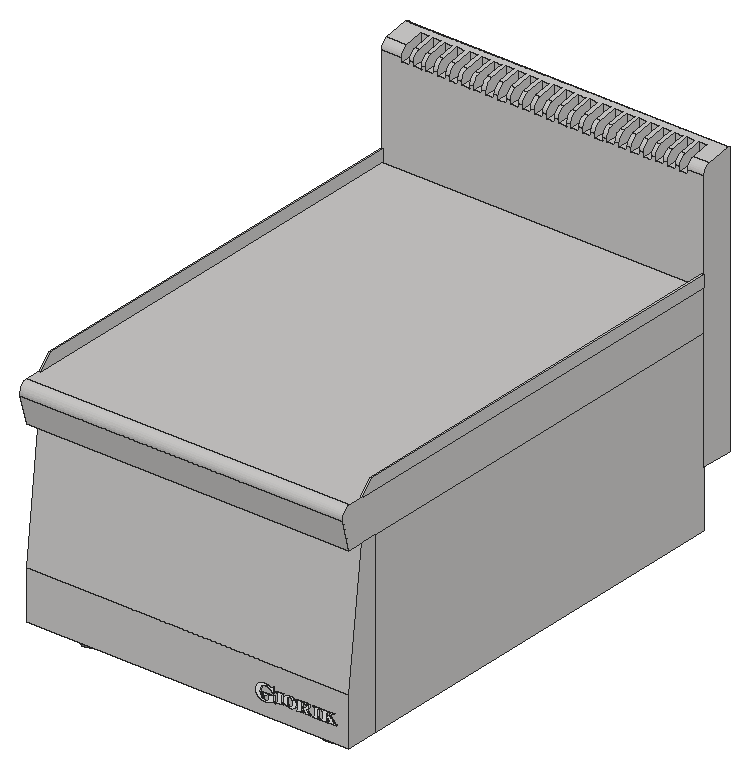
Revit family "QF_GIORIK_LEN4700", category Specialty Equipment, Revit 2014
Parameters (values of type "LEN4700")
  Weight in Pounds = 61.7294
  URL Cutsheet = "www.giorik.com"
  URL = "www.giorik.com"
  Status [instance] = ""
  Specification by User [instance] = ""
  Specification by Manufacturer = ""
  Show Logo [instance] = yes
  Show Clearance [instance] = yes
  Serial Number = ""
  Seismic Rating = ""
  SMACNA No = ""
  Revision Code [instance] = ""
  NAFEM Spec ID Number = ""
  Model = "LEN4700"
  Masterspec = ""
  Manufacturer = "GIORIK"
  Item Number [instance] = ""
  Installed By [instance] = ""
  Identify Quantity as Lot [instance] = no
  Furnished By [instance] = ""
  Foodservice Equipment Identifier [instance] = yes
  Description = "NEUTRAL ELEMENT L=400"
  CSI MasterFormat = ""
  Assembly Code = "E1090320"
Reference planes
  plane 1 "Back": y = 0
  plane 2: z = 0
  plane 3 "Left": x = 0
  plane 4 "Right": x = 400
  plane 5 "Front": y = -600
  plane 6 "Top": z = 430
Forms (mm)
  Extrusion 1, solid
    sketch origin (0, 1000, -578.42) x (0, 1, 0) y (0, 0, 1)
      loop
        line (-1040.007, 869.975) -> (-1589.445, 869.975)
        arc (-1589.445, 869.975) -> (-1598.171, 865.672) -> (-1600.069, 856.13) r 10.999
        line (-1600.069, 856.13) -> (-1590.388, 820) -> (-1040.007, 820) -> (-1040.007, 869.975)
    from 0 to 400
  Extrusion 2, solid
    sketch origin (0, 0, -558.42) x (0, 1, 0) y (0, 0, 1)
      loop
        line (-570.06, 849.975) -> (-40.007, 849.975) -> (-40.007, 864.975) -> (-555.06, 864.975) -> (-570.06, 849.975)
    from 0 to 1.85
  Extrusion 3, solid
    sketch origin (0, 0, -558.42) x (0, 1, 0) y (0, 0, 1)
      loop
        line (-40.007, 800) -> (-550, 800) -> (-550, 580) -> (-40.007, 580) -> (-40.007, 800)
    from 0 to 400
  Extrusion 4, solid
    sketch origin (0, 0, -558.42) x (0, 1, 0) y (0, 0, 1)
      loop
        line (-550, 800) -> (-570.5, 800) -> (-590, 640) -> (-590, 580) -> (-550, 580) -> (-550, 800)
    from 0 to 400
  Extrusion 5, solid
    sketch origin (398.094, 0, -558.42) x (0, 1, 0) y (0, 0, 1)
      loop
        line (-570.06, 849.975) -> (-40.007, 849.975) -> (-40.007, 864.975) -> (-555.06, 864.975) -> (-570.06, 849.975)
    from -0.15 to 1.906
  Extrusion 6, solid
    sketch origin (0, 0, -558.42) x (0, 1, 0) y (0, 0, 1)
      loop
        line (-40.007, 974.217) -> (-40.007, 650.827) -> (0, 650.827) -> (0, 988.42)
        arc (0, 988.42) -> (-0.57, 989.648) -> (-1.878, 990) r 1.6
        line (-1.878, 990) -> (-31.072, 984.852)
        arc (-31.072, 984.852) -> (-37.477, 981.162) -> (-40.007, 974.217) r 10.797
    from 0 to 400
  Extrusion 7, solid
    sketch origin (103.319, 0, -558.42) x (1, 0, 0) y (0, 0, 1)
      loop
        circle (-38.319, 606) r 12.5
    from 20.007 to 40.007
  Extrusion 8, solid, visible <- "Show Logo"
    sketch origin (191.604, -590.5, -4.533) x (-1, 0, 0) y (0, 0, 1)
      loop
        line (-118.824, 58.358) -> (-127.804, 58.358) -> (-125.523, 56.445) -> (-125.523, 48.027) -> (-127.804, 46.113) -> (-118.824, 46.113) -> (-121.105, 48.027) -> (-121.105, 56.445) -> (-118.824, 58.358)
      loop
        line (-163.721, 58.358) -> (-172.7, 58.358) -> (-170.42, 56.445) -> (-170.42, 48.027) -> (-172.7, 46.113) -> (-163.721, 46.113) -> (-166.001, 48.027) -> (-166.001, 56.445) -> (-163.721, 58.358)
      loop
        line (-174.332, 58.358) -> (-183.312, 58.358) -> (-181.031, 56.445) -> (-181.031, 52.435) -> (-186.419, 56.955) -> (-184.416, 58.358) -> (-191.268, 58.358) -> (-188.01, 56.839) -> (-185.455, 54.283) -> (-190.846, 47.858) -> (-193.396, 46.93) -> (-193.396, 46.113) -> (-184.416, 46.113) -> (-185.437, 47.571) -> (-182.443, 51.552) -> (-181.031, 50.894) -> (-181.031, 48.027) -> (-183.312, 46.113) -> (-174.332, 46.113) -> (-176.613, 48.027) -> (-176.613, 56.445) -> (-174.332, 58.358)
      loop
        line (-115.429, 62.063) -> (-115.429, 54.198)
        arc (-115.429, 54.198) -> (-111.618, 57.803) -> (-106.847, 59.986) r 16.039
        arc (-106.847, 59.986) -> (-103.314, 59.837) -> (-100.512, 57.68) r 5.851
        arc (-100.512, 57.68) -> (-98.815, 52.267) -> (-100.512, 46.853) r 9.479
        arc (-100.512, 46.853) -> (-102.406, 44.986) -> (-104.846, 43.93) r 7.236
        arc (-104.846, 43.93) -> (-107.728, 44.111) -> (-110.052, 45.825) r 5.11
        line (-110.052, 45.825) -> (-110.052, 52.001) -> (-116.141, 52.001) -> (-116.141, 45.503) -> (-117.893, 43.751) -> (-114.094, 44.769)
        arc (-114.094, 44.769) -> (-112.56, 44.947) -> (-111.129, 44.366) r 3.115
        arc (-111.129, 44.366) -> (-104.216, 42.091) -> (-97.303, 44.366) r 11.641
        arc (-97.303, 44.366) -> (-93.396, 52.107) -> (-97.303, 59.849) r 9.622
        arc (-97.303, 59.849) -> (-104.369, 62.174) -> (-111.435, 59.849) r 11.898
        line (-111.435, 59.849) -> (-115.429, 62.063)
      loop
        arc (-129.234, 56.068) -> (-135.893, 58.628) -> (-142.552, 56.068) r 9.941
        arc (-142.552, 56.068) -> (-144.234, 52.286) -> (-142.552, 48.505) r 5.093
        arc (-142.552, 48.505) -> (-135.893, 45.945) -> (-129.234, 48.505) r 9.941
        arc (-129.234, 48.505) -> (-127.552, 52.286) -> (-129.234, 56.068) r 5.093
      loop
        arc (-132.628, 54.403) -> (-135.893, 57.668) -> (-139.158, 54.403) r 3.265
        line (-139.158, 54.403) -> (-139.158, 50.169)
        arc (-139.158, 50.169) -> (-135.893, 46.904) -> (-132.628, 50.169) r 3.265
        line (-132.628, 50.169) -> (-132.628, 54.403)
      loop
        arc (-156.363, 58.365) -> (-159.647, 55.081) -> (-156.363, 51.796) r 3.285
        line (-156.363, 51.796) -> (-159.529, 47.306) -> (-162.087, 46.113) -> (-155.847, 46.113) -> (-153.529, 51.083) -> (-150.637, 51.083) -> (-150.637, 47.784) -> (-153.022, 46.113) -> (-144.011, 46.113) -> (-146.094, 47.68) -> (-146.094, 56.493) -> (-144.229, 58.365) -> (-156.363, 58.365)
      loop
        line (-150.637, 57.512) -> (-153.637, 57.512)
        arc (-153.637, 57.512) -> (-156.237, 54.912) -> (-153.637, 52.312) r 2.6
        line (-153.637, 52.312) -> (-150.637, 52.312) -> (-150.637, 57.512)
      loop
        line (-108.924, 52.001) -> (-104.936, 49.005) -> (-100.948, 52.001) -> (-108.924, 52.001)
    from 1.5 to -0.5
  Extrusion 9, void
    sketch origin (10, 0, 431.58) x (0, 1, 0) y (-1, 0, 0)
      loop
        line (-40.007, -25) -> (-9.931, -25) -> (-9.931, -15) -> (-40.007, -15) -> (-40.007, -25)
      loop
        line (-40.007, -40) -> (-9.931, -40) -> (-9.931, -30) -> (-40.007, -30) -> (-40.007, -40)
      loop
        line (-40.007, -55) -> (-9.931, -55) -> (-9.931, -45) -> (-40.007, -45) -> (-40.007, -55)
      loop
        line (-40.007, -70) -> (-9.931, -70) -> (-9.931, -60) -> (-40.007, -60) -> (-40.007, -70)
      loop
        line (-40.007, -85) -> (-9.931, -85) -> (-9.931, -75) -> (-40.007, -75) -> (-40.007, -85)
      loop
        line (-40.007, -100) -> (-9.931, -100) -> (-9.931, -90) -> (-40.007, -90) -> (-40.007, -100)
      loop
        line (-40.007, -115) -> (-9.931, -115) -> (-9.931, -105) -> (-40.007, -105) -> (-40.007, -115)
      loop
        line (-40.007, -130) -> (-9.931, -130) -> (-9.931, -120) -> (-40.007, -120) -> (-40.007, -130)
      loop
        line (-40.007, -145) -> (-9.931, -145) -> (-9.931, -135) -> (-40.007, -135) -> (-40.007, -145)
      loop
        line (-40.007, -160) -> (-9.931, -160) -> (-9.931, -150) -> (-40.007, -150) -> (-40.007, -160)
      loop
        line (-40.007, -175) -> (-9.931, -175) -> (-9.931, -165) -> (-40.007, -165) -> (-40.007, -175)
      loop
        line (-40.007, -190) -> (-9.931, -190) -> (-9.931, -180) -> (-40.007, -180) -> (-40.007, -190)
      loop
        line (-40.007, -205) -> (-9.931, -205) -> (-9.931, -195) -> (-40.007, -195) -> (-40.007, -205)
      loop
        line (-40.007, -220) -> (-9.931, -220) -> (-9.931, -210) -> (-40.007, -210) -> (-40.007, -220)
      loop
        line (-40.007, -235) -> (-9.931, -235) -> (-9.931, -225) -> (-40.007, -225) -> (-40.007, -235)
      loop
        line (-40.007, -250) -> (-9.931, -250) -> (-9.931, -240) -> (-40.007, -240) -> (-40.007, -250)
      loop
        line (-40.007, -265) -> (-9.931, -265) -> (-9.931, -255) -> (-40.007, -255) -> (-40.007, -265)
      loop
        line (-40.007, -280) -> (-9.931, -280) -> (-9.931, -270) -> (-40.007, -270) -> (-40.007, -280)
      loop
        line (-40.007, -295) -> (-9.931, -295) -> (-9.931, -285) -> (-40.007, -285) -> (-40.007, -295)
      loop
        line (-40.007, -310) -> (-9.931, -310) -> (-9.931, -300) -> (-40.007, -300) -> (-40.007, -310)
      loop
        line (-40.007, -325) -> (-9.931, -325) -> (-9.931, -315) -> (-40.007, -315) -> (-40.007, -325)
      loop
        line (-40.007, -340) -> (-9.931, -340) -> (-9.931, -330) -> (-40.007, -330) -> (-40.007, -340)
      loop
        line (-40.007, -355) -> (-9.931, -355) -> (-9.931, -345) -> (-40.007, -345) -> (-40.007, -355)
      loop
        line (-40.007, -370) -> (-9.931, -370) -> (-9.931, -360) -> (-40.007, -360) -> (-40.007, -370)
    from 0 to -20
  Revolve 10, solid
    sketch origin (50, 18.936, -600) x (0, 1, 0) y (0, 0, 1)
      loop
        line (-83.943, 611.965) -> (-94.752, 611.965) -> (-97.943, 600) -> (-83.943, 600) -> (-83.943, 611.965)
      axis (-83.943, 611.965) -> (-83.943, 600)
    angle from 0 to 360
  Revolve 11, solid
    sketch origin (350, 18.936, -600) x (0, 1, 0) y (0, 0, -1)
      loop
        line (-83.943, -611.965) -> (-83.943, -600) -> (-97.943, -600) -> (-94.752, -611.965) -> (-83.943, -611.965)
      axis (-83.943, -611.965) -> (-83.943, -600)
    angle from 0 to 360
  Extrusion 12, solid
    sketch origin (566.603, -469.707, -30) x (0, 1, 0) y (-1, 0, 0)
      loop
        circle (-79.293, 516.603) r 5
    from 41.965 to 51.58
  Revolve 13, solid
    sketch origin (50, -465.057, -600) x (0, 1, 0) y (0, 0, 1)
      loop
        line (-83.943, 611.965) -> (-94.752, 611.965) -> (-97.943, 600) -> (-83.943, 600) -> (-83.943, 611.965)
      axis (-83.943, 611.965) -> (-83.943, 600)
    angle from 0 to 360
  Extrusion 14, solid
    sketch origin (-166.603, -469.707, -30) x (0, 1, 0) y (-1, 0, 0)
      loop
        circle (-79.293, -516.603) r 5
    from 41.965 to 51.58
  Revolve 15, solid
    sketch origin (350, -465.057, -600) x (0, 1, 0) y (0, 0, -1)
      loop
        line (-83.943, -611.965) -> (-83.943, -600) -> (-97.943, -600) -> (-94.752, -611.965) -> (-83.943, -611.965)
      axis (-83.943, -611.965) -> (-83.943, -600)
    angle from 0 to 360
Cuts and joins
  Extrusion 9 cuts Extrusion 6
Lines and regions (mm)
  symbolic lines, style "200-EquipInternal-2D"
    curve 1: line (25, -9.931, 290) -> (25, -40.007, 290)
    curve 2: line (35, -40.007, 290) -> (35, -9.931, 290)
    curve 3: line (40, -9.931, 290) -> (40, -40.007, 290)
    curve 4: line (50, -40.007, 290) -> (50, -9.931, 290)
    curve 5: line (55, -9.931, 290) -> (55, -40.007, 290)
    curve 6: line (65, -40.007, 290) -> (65, -9.931, 290)
    curve 7: line (85, -9.931, 290) -> (85, -40.007, 290)
    curve 8: line (95, -40.007, 290) -> (95, -9.931, 290)
    curve 9: line (100, -9.931, 290) -> (100, -40.007, 290)
    curve 10: line (110, -40.007, 290) -> (110, -9.931, 290)
    curve 11: line (140, -40.007, 290) -> (140, -9.931, 290)
    curve 12: line (130, -9.931, 290) -> (130, -40.007, 290)
    curve 13: line (155, -40.007, 290) -> (155, -9.931, 290)
    curve 14: line (160, -9.931, 290) -> (160, -40.007, 290)
    curve 15: line (170, -40.007, 290) -> (170, -9.931, 290)
    curve 16: line (145, -9.931, 290) -> (145, -40.007, 290)
    curve 17: line (200, -40.007, 290) -> (200, -9.931, 290)
    curve 18: line (190, -9.931, 290) -> (190, -40.007, 290)
    curve 19: line (205, -9.931, 290) -> (205, -40.007, 290)
    curve 20: line (215, -40.007, 290) -> (215, -9.931, 290)
    curve 21: line (220, -9.931, 290) -> (220, -40.007, 290)
    curve 22: line (230, -40.007, 290) -> (230, -9.931, 290)
    curve 23: line (250, -9.931, 290) -> (250, -40.007, 290)
    curve 24: line (260, -40.007, 290) -> (260, -9.931, 290)
    curve 25: line (265, -9.931, 290) -> (265, -40.007, 290)
    curve 26: line (275, -40.007, 290) -> (275, -9.931, 290)
    curve 27: line (280, -9.931, 290) -> (280, -40.007, 290)
    curve 28: line (290, -40.007, 290) -> (290, -9.931, 290)
    curve 29: line (320, -40.007, 290) -> (320, -9.931, 290)
    curve 30: line (310, -9.931, 290) -> (310, -40.007, 290)
    curve 31: line (335, -40.007, 290) -> (335, -9.931, 290)
    curve 32: line (325, -9.931, 290) -> (325, -40.007, 290)
    curve 33: line (340, -9.931, 290) -> (340, -40.007, 290)
    curve 34: line (350, -40.007, 290) -> (350, -9.931, 290)
    curve 35: line (370, -9.931, 290) -> (370, -40.007, 290)
    curve 36: line (380, -40.007, 290) -> (380, -9.931, 290)
    curve 37: line (380, -9.931, 290) -> (370, -9.931, 290)
    curve 38: line (350, -9.931, 290) -> (340, -9.931, 290)
    curve 39: line (335, -9.931, 290) -> (325, -9.931, 290)
    curve 40: line (320, -9.931, 290) -> (310, -9.931, 290)
    curve 41: line (275, -9.931, 290) -> (265, -9.931, 290)
    curve 42: line (110, -9.931, 290) -> (100, -9.931, 290)
    curve 43: line (95, -9.931, 290) -> (85, -9.931, 290)
    curve 44: line (65, -9.931, 290) -> (55, -9.931, 290)
    curve 45: line (35, -9.931, 290) -> (25, -9.931, 290)
    curve 46: line (140, -9.931, 290) -> (130, -9.931, 290)
    curve 47: line (155, -9.931, 290) -> (145, -9.931, 290)
    curve 48: line (170, -9.931, 290) -> (160, -9.931, 290)
    curve 49: line (200, -9.931, 290) -> (190, -9.931, 290)
    curve 50: line (215, -9.931, 290) -> (205, -9.931, 290)
    curve 51: line (230, -9.931, 290) -> (220, -9.931, 290)
    curve 52: line (260, -9.931, 290) -> (250, -9.931, 290)
    curve 53: line (50, -9.931, 290) -> (40, -9.931, 290)
    curve 54: line (70, -9.931, 430) -> (70, -40.007, 430)
    curve 55: line (80, -40.007, 430) -> (80, -9.931, 430)
    curve 56: line (80, -9.931, 430) -> (70, -9.931, 430)
    curve 57: line (175, -9.931, 430) -> (175, -40.007, 430)
    curve 58: line (185, -40.007, 430) -> (185, -9.931, 430)
    curve 59: line (185, -9.931, 430) -> (175, -9.931, 430)
    curve 60: line (235, -9.931, 430) -> (235, -40.007, 430)
    curve 61: line (245, -40.007, 430) -> (245, -9.931, 430)
    curve 62: line (245, -9.931, 430) -> (235, -9.931, 430)
    curve 63: line (290, -9.931, 430) -> (280, -9.931, 430)
    curve 64: line (305, -9.931, 430) -> (295, -9.931, 430)
    curve 65: line (295, -9.931, 430) -> (295, -40.007, 430)
    curve 66: line (305, -40.007, 430) -> (305, -9.931, 430)
    curve 67: line (355, -9.931, 430) -> (355, -40.007, 430)
    curve 68: line (365, -40.007, 430) -> (365, -9.931, 430)
    curve 69: line (365, -9.931, 430) -> (355, -9.931, 430)
    curve 70: line (400, -9.931, 430) -> (400, -40.007, 430)
    curve 71: line (125, -9.931, 430) -> (115, -9.931, 430)
    curve 72: line (115, -9.931, 430) -> (115, -40.007, 430)
    curve 73: line (125, -40.007, 430) -> (125, -9.931, 430)
    curve 78: line (397.944, -570.06, 430) -> (400, -570.06, 430)
    curve 79: line (397.944, -40.007, 430) -> (397.944, -570.06, 430)
    curve 80: line (0, -570.06, 430) -> (1.85, -570.06, 430)
    curve 81: line (1.85, -570.06, 430) -> (1.85, -40.007, 430)
    curve 82: line (1.85, -40.007, 430) -> (397.944, -40.007, 430)
  symbolic lines, style "200-EquipBorder-2D"
    curve 74: line (400, 0, 430) -> (0, 0, 430)
    curve 75: line (400, -600, 430) -> (400, 0, 430)
    curve 76: line (0, 0, 430) -> (0, -600, 430)
    curve 77: line (0, -600, 430) -> (400, -600, 430)
Dimensions and locks
  plane 3 "Left" to plane 4 "Right" = 400 mm
  plane 5 "Front" to plane 1 "Back" = 600 mm
  plane 4 "Right" to plane 3 "Left" = 400 mm
  plane 1 "Back" to plane 5 "Front" = 600 mm
  plane 6 "Top" to level = 430 mm  (x2)
  aligned and locked: level to plane 2
